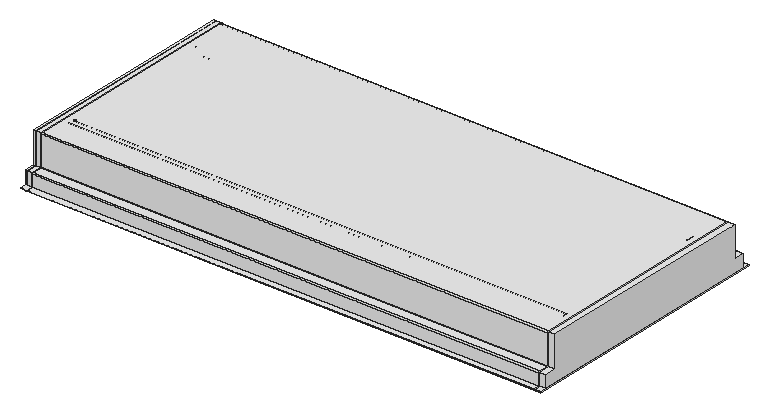
Revit family "CRUx-DFX", category Lighting Fixtures, host Ceiling, Revit 2019
Family settings
  Host = Ceiling
  Round Connector Dimension = Use Diameter
  Part Type = Normal
  OmniClass Number = 23.80.70.11.14.17
  OmniClass Title = Direct/Indirect
  Always vertical = Yes
  Cut with Voids When Loaded = No
  Light Source = Yes
  Shared = No
  Room Calculation Point = No
Parameters (values of type "CRUx-DFX2X4-LED840K180Lxxx-DSA")
  Width = 1' - 11 3/4"
  Wattage = 149.5 W
  built-in parameter 1150110 = 1 (stored number, unit not read)
  Voltage = 120 V
  URL = "https://www.viscor.com/en/products/msu-dfx"
  built-in parameter 1114217 = 0.9 (stored number, unit not read)
  Tilt Angle = 90.00°
  built-in parameter 1150109 = 1 (stored number, unit not read)
  built-in parameter 1150134 = 12
  built-in parameter 1150113 = 1 (stored number, unit not read)
  Photometric Web File = "CRUx-DFX2X4-LED840K180Lxxx-DSA.ies"
  Model = "MSU-DFX"  # constant formula
  Manufacturer = "CERTOLUX by VISCOR"  # constant formula
  Lumens = 18089.5 lm
  built-in parameter 1150115 = 1 (stored number, unit not read)
  built-in parameter 1150105 = 1439.5 (stored number, unit not read)
  built-in parameter 1150137 = (empty or 0)
  built-in parameter 1150139 = (empty or 0)
  Lens Finish = Acrylic - Viscor - Frosted Prismatic P12
  Length = 3' - 11 3/4"
  Lamp Wattage = 149.5 VA
  built-in parameter 1150112 = 1 (stored number, unit not read)
  built-in parameter 1150114 = 1 (stored number, unit not read)
  Lamp = "LED"  # constant formula
  built-in parameter 1150132 = (empty or 0)
  built-in parameter 1150102 = (empty or 0)
  built-in parameter 1150138 = (empty or 0)
  built-in parameter 1150107 = 4000 (stored number, unit not read)
  built-in parameter 1150106 = 14.395 (stored number, unit not read)
  Housing Finish = Metal - Viscor - White
  Emit from Rectangle Width = Width  # 1' - 11 3/4"
  Emit from Rectangle Length = Length  # 3' - 11 3/4"
  Emit Shape Visible in Rendering = no
  built-in parameter 1150104 = 11.241 (stored number, unit not read)
  Dimming Lamp Color Temperature Shift = <None>
  Description = "LED Recessed Surgical with 365DisInFx UVA Technology"  # constant formula
  Color Filter = 16777215
  built-in parameter 1114218 = 1 (stored number, unit not read)
  built-in parameter 1150133 = 10 (stored number, unit not read)
  Assembly Code = "D5020200"
  Apparent Load = Lamp Wattage  # 149.5 VA
Types (10): name | Wattage | Photometric Web File | Lumens | built-in parameter 1150105 | Length | Lamp Wattage | built-in parameter 1150106 | Emit from Rectangle Length | built-in parameter 1150104 | Apparent Load
  (no name) | 149.5 W | "CRUx-DFX2X4-LED840K180Lxxx-DSA.ies" | 18089.5 lm | 1439.5 (stored number, unit not read) | 3' - 11 3/4" | 149.5 VA | 14.395 (stored number, unit not read) | 3' - 11 3/4" | 11.241 (stored number, unit not read) | 149.5 VA
  CRUx-DFX2X2-LED840K035Lxxx-DSA | 27.5 W | "CRUx-DFX2X2-LED840K035Lxxx-DSA.ies" | 3520 lm | 280.11 (stored number, unit not read) | 1' - 11 3/4" | 27.5 VA | 2.8011 (stored number, unit not read) | 1' - 11 3/4" | 11.892 (stored number, unit not read) | 27.5 VA
  CRUx-DFX2X4-LED840K055Lxxx-DSA | 43 W | "CRUx-DFX2X4-LED840K055Lxxx-DSA.ies" | 5590 lm | 444.84 (stored number, unit not read) | 3' - 11 3/4" | 43 VA | 4.4484 (stored number, unit not read) | 3' - 11 3/4" | 12.077 (stored number, unit not read) | 43 VA
  CRUx-DFX2X2-LED840K055Lxxx-DSA | 45 W | "CRUx-DFX2X2-LED840K055Lxxx-DSA.ies" | 5535 lm | 440.46 (stored number, unit not read) | 1' - 11 3/4" | 45 VA | 4.4046 (stored number, unit not read) | 1' - 11 3/4" | 11.427 (stored number, unit not read) | 45 VA
  CRUx-DFX2X2-LED840K070Lxxx-DSA | 59 W | "CRUx-DFX2X2-LED840K070Lxxx-DSA.ies" | 7080 lm | 563.41 (stored number, unit not read) | 1' - 11 3/4" | 59 VA | 5.6341 (stored number, unit not read) | 1' - 11 3/4" | 11.148 (stored number, unit not read) | 59 VA
  CRUx-DFX2X2-LED840K100Lxxx-DSA | 84.3 W | "CRUx-DFX2X2-LED840K100Lxxx-DSA.ies" | 10031.7 lm | 798.3 (stored number, unit not read) | 1' - 11 3/4" | 84.3 VA | 7.983 (stored number, unit not read) | 1' - 11 3/4" | 11.055 (stored number, unit not read) | 84.3 VA
  CRUx-DFX2X4-LED840K070Lxxx-DSA | 55 W | "CRUx-DFX2X4-LED840K070Lxxx-DSA.ies" | 7040 lm | 560.23 (stored number, unit not read) | 3' - 11 3/4" | 55 VA | 5.6023 (stored number, unit not read) | 3' - 11 3/4" | 11.892 (stored number, unit not read) | 55 VA
  CRUx-DFX2X4-LED840K100Lxxx-DSA | 80.6 W | "CRUx-DFX2X4-LED840K100Lxxx-DSA.ies" | 10075 lm | 801.74 (stored number, unit not read) | 3' - 11 3/4" | 80.6 VA | 8.0174 (stored number, unit not read) | 3' - 11 3/4" | 11.613 (stored number, unit not read) | 80.6 VA
  CRUx-DFX2X4-LED840K120Lxxx-DSA | 99 W | "CRUx-DFX2X4-LED840K120Lxxx-DSA.ies" | 11979 lm | 953.26 (stored number, unit not read) | 3' - 11 3/4" | 99 VA | 9.5326 (stored number, unit not read) | 3' - 11 3/4" | 11.241 (stored number, unit not read) | 99 VA
  CRUx-DFX2X4-LED840K180Lxxx-DSA | 149.5 W | "CRUx-DFX2X4-LED840K180Lxxx-DSA.ies" | 18089.5 lm | 1439.5 (stored number, unit not read) | 3' - 11 3/4" | 149.5 VA | 14.395 (stored number, unit not read) | 3' - 11 3/4" | 11.241 (stored number, unit not read) | 149.5 VA
Reference planes (in)
  plane 1 "Light Source Axis (F/B)": y = 0
  plane 2 "Ceiling": z = 96
  plane 3 "Light Source Axis (L/R)": x = 0
  plane 4 "Light Source Elevation": z = 96
  plane 5: y = 11.875
  plane 6: y = -11.875
  plane 7 "Left": x = -23.875
  plane 8 "Right": x = 23.875
  plane 9: x = -23.25
  plane 10: x = 23.25
  plane 11: x = -22.625
  plane 12: x = 22.625
  plane 13 "USofFrame": z = 96.045
  plane 14: y = -11.25
  plane 15: y = 11.25
  plane 16 "Lens": z = 96.17
Forms (in)
  Extrusion 1, solid, material "Metal - Viscor - White" <- "Housing Finish"
    sketch origin (0, 0, 0) x (0, 1, 0) y (0, 0, 1)
      loop
        arc (11.3015, 97.168) -> (11.28217, 97.21467) -> (11.2355, 97.234) r 0.066
        line (11.2355, 97.234) -> (10.3115, 97.234)
        arc (10.3115, 97.234) -> (10.29029, 97.24279) -> (10.2815, 97.264) r 0.03
        line (10.2815, 97.264) -> (10.2815, 100.007)
        arc (10.2815, 100.007) -> (10.26217, 100.05367) -> (10.2155, 100.073) r 0.066
        line (10.2155, 100.073) -> (-10.2155, 100.073)
        arc (-10.2155, 100.073) -> (-10.26217, 100.05367) -> (-10.2815, 100.007) r 0.066
        line (-10.2815, 100.007) -> (-10.2815, 97.264)
        arc (-10.2815, 97.264) -> (-10.29029, 97.24279) -> (-10.3115, 97.234) r 0.03
        line (-10.3115, 97.234) -> (-11.2355, 97.234)
        arc (-11.2355, 97.234) -> (-11.28217, 97.21467) -> (-11.3015, 97.168) r 0.066
        line (-11.3015, 97.168) -> (-11.3015, 96.073) -> (-11.26634, 96.073) -> (-11.26634, 97.168)
        arc (-11.26634, 97.168) -> (-11.25731, 97.18981) -> (-11.2355, 97.19884) r 0.03084
        line (-11.2355, 97.19884) -> (-10.3115, 97.19884)
        arc (-10.3115, 97.19884) -> (-10.26543, 97.21793) -> (-10.24634, 97.264) r 0.06516
        line (-10.24634, 97.264) -> (-10.24634, 100.007)
        arc (-10.24634, 100.007) -> (-10.23731, 100.02881) -> (-10.2155, 100.03784) r 0.03084
        line (-10.2155, 100.03784) -> (10.2155, 100.03784)
        arc (10.2155, 100.03784) -> (10.23731, 100.02881) -> (10.24634, 100.007) r 0.03084
        line (10.24634, 100.007) -> (10.24634, 97.264)
        arc (10.24634, 97.264) -> (10.26543, 97.21793) -> (10.3115, 97.19884) r 0.06516
        line (10.3115, 97.19884) -> (11.2355, 97.19884)
        arc (11.2355, 97.19884) -> (11.25731, 97.18981) -> (11.26634, 97.168) r 0.03084
        line (11.26634, 97.168) -> (11.26634, 96.073) -> (11.3015, 96.073) -> (11.3015, 97.168)
    from -23.25 to 23.25
  Extrusion 2, solid, material "Metal - Viscor - White" <- "Housing Finish"
    sketch origin (0, 0, 0) x (0, 1, 0) y (0, 0, 1)
      loop
        line (11.299, 96.095) -> (11.299, 97.234) -> (10.2815, 97.234) -> (10.2815, 100.073) -> (-10.2815, 100.073) -> (-10.2815, 97.234) -> (-11.3015, 97.234) -> (-11.3015, 96.095) -> (11.299, 96.095)
    from -23.875 to -23.25
  Extrusion 3, void
    sketch origin (-23.25, 0, 0) x (0, -1, 0) y (0, 0, 1)
      loop
        line (10.24634, 100.03784) -> (-10.24634, 100.03784) -> (-10.24634, 97.19884) -> (-11.26384, 97.19884) -> (-11.26384, 96.13016) -> (11.26634, 96.13016) -> (11.26634, 97.19884) -> (10.24634, 97.19884) -> (10.24634, 100.03784)
    from 0 to 0.47339
  Extrusion 4, solid, material "Metal - Viscor - White" <- "Housing Finish"
    sketch origin (0, 0, 0) x (0, 1, 0) y (0, 0, -1)
      loop
        line (11.299, -96.095) -> (-11.3015, -96.095) -> (-11.3015, -97.234) -> (-10.2815, -97.234) -> (-10.2815, -100.073) -> (10.2815, -100.073) -> (10.2815, -97.234) -> (11.299, -97.234) -> (11.299, -96.095)
    from -23.875 to -23.25
  Extrusion 5, void
    sketch origin (23.25, 0, 0) x (0, -1, 0) y (0, 0, -1)
      loop
        line (10.24634, -100.03784) -> (10.24634, -97.19884) -> (11.26634, -97.19884) -> (11.26634, -96.13016) -> (-11.26384, -96.13016) -> (-11.26384, -97.19884) -> (-10.24634, -97.19884) -> (-10.24634, -100.03784) -> (10.24634, -100.03784)
    from 0 to 0.47339
  Extrusion 6, solid, material "Metal - Viscor - White" <- "Housing Finish"
    sketch origin (0, 0, 96) x (1, 0, 0) y (0, 1, 0)
      loop
        line (-23.875, -11.875) -> (-23.25, -11.875) -> (-23.25, 11.875) -> (-23.875, 11.875) -> (-23.875, -11.875)
    from 0 to 0.045
  Extrusion 7, solid, material "Metal - Viscor - White" <- "Housing Finish"
    sketch origin (0, 0, 96) x (1, 0, 0) y (0, 1, 0)
      loop
        line (23.25, -11.875) -> (23.875, -11.875) -> (23.875, 11.875) -> (23.25, 11.875) -> (23.25, -11.875)
    from 0 to 0.045
  Extrusion 8, solid, material "Metal - Viscor - White" <- "Housing Finish"
    sketch origin (0, 0, 96) x (1, 0, 0) y (0, 1, 0)
      loop
        line (-23.25, -11.25) -> (23.25, -11.25) -> (23.25, 11.25) -> (-23.25, 11.25) -> (-23.25, -11.25)
      loop
        line (-22, -10) -> (22, -10) -> (22, -1.5) -> (-22, -1.5) -> (-22, -10)
      loop
        line (-22, 10) -> (-22, 1.5) -> (22, 1.5) -> (22, 10) -> (-22, 10)
      loop
        line (22, -0.75) -> (22, 0.75) -> (-22, 0.75) -> (-22, -0.75) -> (22, -0.75)
    from 0 to 0.045
  Extrusion 9, void
    sketch origin (43.99109, -53.88196, 0) x (1, 0, 0) y (0, 1, 0)
      loop
        line (-67.86609, 65.75696) -> (-67.86609, 42.00696) -> (-20.11609, 42.00696) -> (-20.11609, 65.75696) -> (-67.86609, 65.75696)
    from 95.73163 to 100.39174
  Extrusion 10, solid, material "Metal - Viscor - White" <- "Housing Finish"
    sketch origin (0, 0, 0) x (0, 1, 0) y (0, 0, 1)
      loop
        line (11.892, 96.048) -> (11.25, 96.048) -> (11.25, 96) -> (11.892, 96) -> (11.892, 96.048)
    from -23.25 to 23.25
  Extrusion 11, solid, material "Metal - Viscor - White" <- "Housing Finish"
    sketch origin (0, 0, 0) x (0, -1, 0) y (0, 0, -1)
      loop
        line (11.892, -96.048) -> (11.892, -96) -> (11.25, -96) -> (11.25, -96.048) -> (11.892, -96.048)
    from -23.25 to 23.25
  Extrusion 12, solid, material "Metal - Viscor - White" <- "Housing Finish"
    sketch origin (0, 0, 0) x (0, 1, 0) y (0, 0, 1)
      loop
        line (8.32588, 100.001) -> (7.027, 100.001) -> (7.027, 100.03616) -> (6.477, 100.03616)
        arc (6.477, 100.03616) -> (6.42456, 100.01444) -> (6.40284, 99.962) r 0.07416
        line (6.40284, 99.962) -> (6.40284, 99.487)
        arc (6.40284, 99.487) -> (6.39117, 99.45883) -> (6.363, 99.44716) r 0.03984
        line (6.363, 99.44716) -> (-7.237, 99.44716)
        arc (-7.237, 99.44716) -> (-7.26517, 99.45883) -> (-7.27684, 99.487) r 0.03984
        line (-7.27684, 99.487) -> (-7.27684, 99.962)
        arc (-7.27684, 99.962) -> (-7.29856, 100.01444) -> (-7.351, 100.03616) r 0.07416
        line (-7.351, 100.03616) -> (-7.901, 100.03616) -> (-7.901, 100.001) -> (-7.351, 100.001)
        arc (-7.351, 100.001) -> (-7.32342, 99.98958) -> (-7.312, 99.962) r 0.039
        line (-7.312, 99.962) -> (-7.312, 99.487)
        arc (-7.312, 99.487) -> (-7.29003, 99.43397) -> (-7.237, 99.412) r 0.075
        line (-7.237, 99.412) -> (8.21188, 99.412)
        arc (8.21188, 99.412) -> (8.26491, 99.43397) -> (8.28688, 99.487) r 0.075
        line (8.28688, 99.487) -> (8.28688, 99.962)
        arc (8.28688, 99.962) -> (8.2983, 99.98958) -> (8.32588, 100.001) r 0.039
    from -22.625 to 22.625
  Extrusion 13, solid
    sketch origin (0, 0, 0) x (0, 1, 0) y (0, 0, 1)
      loop
        line (5.90726, 99.412) -> (5.90726, 99.38075) -> (6.64268, 99.38075) -> (7.82741, 97.96884)
        arc (7.82741, 97.96884) -> (7.85154, 97.95033) -> (7.88123, 97.94375) r 0.07025
        line (7.88123, 97.94375) -> (8.11326, 97.94375) -> (8.11326, 97.975) -> (7.88123, 97.975)
        arc (7.88123, 97.975) -> (7.86475, 97.97865) -> (7.85135, 97.98893) r 0.039
        line (7.85135, 97.98893) -> (6.67584, 99.38985)
        arc (6.67584, 99.38985) -> (6.65455, 99.40619) -> (6.62834, 99.412) r 0.062
        line (6.62834, 99.412) -> (5.90726, 99.412)
    from -23.25 to 23.25
  Extrusion 14, solid
    sketch origin (0, 0, 0) x (0, 1, 0) y (0, 0, 1)
      loop
        line (-6.7185, 99.412) -> (-7.30713, 99.412)
        arc (-7.30713, 99.412) -> (-7.33863, 99.40356) -> (-7.36169, 99.3805) r 0.063
        line (-7.36169, 99.3805) -> (-8.5206, 97.3732) -> (-10.30427, 96.724) -> (-10.29358, 96.69463) -> (-8.49922, 97.34773) -> (-7.33462, 99.36488)
        arc (-7.33462, 99.36488) -> (-7.323, 99.3765) -> (-7.30713, 99.38075) r 0.03175
        line (-7.30713, 99.38075) -> (-6.7185, 99.38075) -> (-6.7185, 99.412)
    from -23.25 to 23.25
  Extrusion 15, solid, material "Acrylic - Viscor - Frosted Prismatic P12" <- "Lens Finish"
    sketch origin (0, 0, 0) x (0, 1, 0) y (0, 0, 1)
      loop
        line (10.11273, 96.065) -> (10.11273, 96.19) -> (-10.0948, 96.19) -> (-10.0948, 96.065) -> (10.11273, 96.065)
    from -23.25 to 23.25
Cuts and joins
  Extrusion 3, Extrusion 5 cuts Extrusion 2
  Extrusion 5 cuts Extrusion 4
Dimensions and locks (in)
  equal spacing: host sketch curve, plane 3 "Light Source Axis (L/R)", host sketch curve
  equal spacing: host sketch curve, plane 1 "Light Source Axis (F/B)", host sketch curve
  host sketch curve to host sketch curve = 10' - 0"  (x2)
  locked: import instance to host ceiling at 4.109
  equal spacing: plane 7 "Left", plane 3 "Light Source Axis (L/R)", plane 8 "Right"
  "Length": plane 7 "Left" to plane 8 "Right"
  equal spacing: plane 5, plane 1 "Light Source Axis (F/B)", plane 6
  "Width": plane 5 to plane 6
  locked: plane 11 to plane 9 at 0.625
  locked: plane 7 "Left" to plane 9 at 0.625
  plane 12 to plane 10 = 0' - 0 5/8"
  plane 10 to plane 8 "Right" = 0' - 0 5/8"
  locked: plane 13 "USofFrame" to plane 2 "Ceiling" at 0.045
  equal spacing: plane 5, Extrusion 8 sketch curve, Extrusion 8 sketch curve
  equal spacing: plane 7 "Left", Extrusion 8 sketch curve, Extrusion 8 sketch curve
  locked: plane 6 to Extrusion 8 sketch curve at 0.625
  locked: plane 8 "Right" to Extrusion 8 sketch curve at 0.625
  plane 16 "Lens" to plane 13 "USofFrame" = 0' - 0 1/8"
  aligned and locked: plane 3 "Light Source Axis (L/R)" to imposter light
  aligned and locked: plane 1 "Light Source Axis (F/B)" to imposter light
  aligned and locked: plane 4 "Light Source Elevation" to imposter light
  aligned and locked: Extrusion 1 to plane 9
  aligned and locked: plane 10 to Extrusion 1
  aligned and locked: Extrusion 2 to plane 7 "Left"
  aligned and locked: plane 9 to Extrusion 2
  aligned and locked: plane 8 "Right" to cut or joined group of Extrusion 4, Extrusion 5
  aligned and locked: cut or joined group of Extrusion 4, Extrusion 5 to plane 10
  aligned and locked: Extrusion 6 sketch curve to plane 7 "Left"
  aligned and locked: plane 9 to Extrusion 6 sketch curve
  aligned and locked: plane 13 "USofFrame" to Extrusion 6
  aligned and locked: Extrusion 7 sketch curve to plane 10
  aligned and locked: Extrusion 7 sketch curve to plane 6
  aligned and locked: plane 5 to Extrusion 7 sketch curve
  aligned and locked: plane 13 "USofFrame" to Extrusion 7
  aligned and locked: plane 13 "USofFrame" to Extrusion 8
  aligned and locked: Extrusion 9 to plane 7 "Left"
  aligned and locked: plane 8 "Right" to Extrusion 9
  aligned and locked: Extrusion 9 to plane 6
  aligned and locked: plane 5 to Extrusion 9
  aligned and locked: Extrusion 10 to plane 9
  aligned and locked: plane 10 to Extrusion 10
  aligned and locked: Extrusion 11 to plane 9
  aligned and locked: plane 10 to Extrusion 11
  aligned and locked: Extrusion 12 to plane 11
  aligned and locked: plane 12 to Extrusion 12
  aligned and locked: Extrusion 13 to plane 9
  aligned and locked: plane 10 to Extrusion 13
  aligned and locked: Extrusion 14 to plane 9
  aligned and locked: plane 10 to Extrusion 14
  aligned and locked: Extrusion 15 to plane 9
  aligned and locked: plane 10 to Extrusion 15
Automatic sketch dimensions
  Extrusion 1 sketch curve to Extrusion 1 sketch curve = 0' - 0"  (x12)
  plane 13 "USofFrame" to Extrusion 1 sketch curve = 0' - 0.028"  (x2)
  plane 6 to Extrusion 1 sketch curve = 0' - 0.5735"
  Extrusion 1 sketch curve to Extrusion 1 sketch curve = 0' - 0 9/256"
  Extrusion 1 sketch curve to Extrusion 1 sketch curve = 0' - 0.03084"  (x4)
  Extrusion 1 sketch curve to Extrusion 1 sketch curve = 0' - 0.924"
  Extrusion 1 sketch curve to Extrusion 1 sketch curve = 0' - 0.03"  (x2)
  Extrusion 1 sketch curve to plane 5 = 0' - 1.6595"
  Extrusion 1 sketch curve to plane 5 = 0' - 0.6395"
  plane 16 "Lens" to Extrusion 1 sketch curve = 0' - 0.998"  (x2)
  Extrusion 1 sketch curve to Extrusion 1 sketch curve = 0' - 2.743"
  plane 13 "USofFrame" to Extrusion 2 sketch curve = 0' - 0.05"
  plane 6 to Extrusion 2 sketch curve = 0' - 0.5735"
  Extrusion 2 sketch curve to Extrusion 2 sketch curve = 0' - 1.02"
  Extrusion 2 sketch curve to plane 5 = 0' - 1.5935"
  Extrusion 2 sketch curve to plane 5 = 0' - 0.576"
  plane 16 "Lens" to Extrusion 2 sketch curve = 0' - 1.064"  (x2)
  Extrusion 2 sketch curve to Extrusion 2 sketch curve = 0' - 2.839"
  Extrusion 2 to Extrusion 3 sketch curve = 0' - 0 9/256"  (x8)
  plane 13 "USofFrame" to Extrusion 4 sketch curve = 0' - 0.05"
  plane 6 to Extrusion 4 sketch curve = 0' - 0.5735"
  Extrusion 4 sketch curve to Extrusion 4 sketch curve = 0' - 1.02"
  Extrusion 4 sketch curve to plane 5 = 0' - 1.5935"
  Extrusion 4 sketch curve to plane 5 = 0' - 0.576"
  plane 16 "Lens" to Extrusion 4 sketch curve = 0' - 1.064"  (x2)
  Extrusion 4 sketch curve to Extrusion 4 sketch curve = 0' - 2.839"
  Extrusion 4 to Extrusion 5 sketch curve = 0' - 0 9/256"  (x8)
  Extrusion 6 sketch curve to plane 6 = 0' - 0"
  Extrusion 6 sketch curve to plane 5 = 0' - 0"
  Extrusion 7 sketch curve to plane 8 "Right" = 0' - 0"
  Extrusion 9 sketch curve to plane 6 = 0' - 0"
  Extrusion 9 sketch curve to plane 7 "Left" = 0' - 0"
  Extrusion 9 sketch curve to plane 8 "Right" = 0' - 0"
  Extrusion 9 sketch curve to plane 5 = 0' - 0"
  Extrusion 10 sketch curve to plane 2 "Ceiling" = 0' - 0"
  plane 13 "USofFrame" to Extrusion 10 sketch curve = 0' - 0.003"
  Extrusion 10 sketch curve to plane 5 = 0' - 0 5/8"
  plane 5 to Extrusion 10 sketch curve = 0' - 0.017"
  Extrusion 11 sketch curve to plane 2 "Ceiling" = 0' - 0"
  Extrusion 11 sketch curve to plane 13 "USofFrame" = 0' - 0.003"
  Extrusion 11 sketch curve to plane 6 = 0' - 0 5/8"
  plane 6 to Extrusion 11 sketch curve = 0' - 0.017"
  Extrusion 12 sketch curve to Extrusion 12 sketch curve = 0' - 1.84888"  (x2)
  Extrusion 12 sketch curve to Extrusion 12 sketch curve = 0' - 0"  (x6)
  plane 6 to Extrusion 12 sketch curve = 0' - 3.974"
  Extrusion 12 sketch curve to Extrusion 12 sketch curve = 0' - 0.55"  (x2)
  Extrusion 12 sketch curve to Extrusion 12 sketch curve = 0' - 0.039"
  Extrusion 12 sketch curve to Extrusion 12 sketch curve = 0' - 0 9/256"
  Extrusion 12 sketch curve to Extrusion 12 sketch curve = 0' - 0.03984"
  Extrusion 12 sketch curve to plane 5 = 0' - 5.512"
  Extrusion 12 sketch curve to Extrusion 12 sketch curve = 0' - 1.80904"
  Extrusion 12 sketch curve to Extrusion 12 sketch curve = 0' - 1.80988"
  plane 16 "Lens" to Extrusion 12 sketch curve = 0' - 3.242"
  Extrusion 12 sketch curve to Extrusion 12 sketch curve = 0' - 0.475"  (x2)
  Extrusion 13 sketch curve to Extrusion 13 sketch curve = 0' - 0"  (x2)
  Extrusion 13 sketch curve to plane 1 "Light Source Axis (F/B)" = 0' - 5.90726"
  Extrusion 13 sketch curve to Extrusion 13 sketch curve = 0' - 0.72109"
  Extrusion 13 sketch curve to Extrusion 13 sketch curve = 0' - 0.01434"
  plane 16 "Lens" to Extrusion 13 sketch curve = 0' - 3.21985"
  Extrusion 13 sketch curve to Extrusion 13 sketch curve = 0' - 0.03316"
  plane 16 "Lens" to Extrusion 13 sketch curve = 0' - 1.79884"
  Extrusion 13 sketch curve to Extrusion 13 sketch curve = 0' - 1.19907"
  Extrusion 13 sketch curve to Extrusion 13 sketch curve = 0' - 0.02394"
  Extrusion 13 sketch curve to Extrusion 13 sketch curve = 0' - 0.02988"
  Extrusion 13 sketch curve to Extrusion 13 sketch curve = 0' - 0.02509"
  Extrusion 13 sketch curve to Extrusion 13 sketch curve = 0' - 0 1/32"  (x2)
  Extrusion 13 sketch curve to Extrusion 13 sketch curve = 0' - 0.03985"
  Extrusion 13 sketch curve to Extrusion 13 sketch curve = 0' - 0.23203"
  Extrusion 14 sketch curve to Extrusion 14 sketch curve = 0' - 0"  (x2)
  plane 16 "Lens" to Extrusion 14 sketch curve = 0' - 0.554"
  plane 6 to Extrusion 14 sketch curve = 0' - 1.57073"
  plane 16 "Lens" to Extrusion 14 sketch curve = 0' - 0.52463"
  Extrusion 14 sketch curve to Extrusion 14 sketch curve = 0' - 0.01069"
  plane 16 "Lens" to Extrusion 14 sketch curve = 0' - 1.2032"
  plane 16 "Lens" to Extrusion 14 sketch curve = 0' - 1.17773"
  Extrusion 14 sketch curve to Extrusion 14 sketch curve = 0' - 1.15891"
  Extrusion 14 sketch curve to Extrusion 14 sketch curve = 0' - 0.02706"
  Extrusion 14 sketch curve to Extrusion 14 sketch curve = 0' - 0.0275"
  Extrusion 14 sketch curve to Extrusion 14 sketch curve = 0' - 1.9758"
  Extrusion 14 sketch curve to Extrusion 14 sketch curve = 0' - 0.01587"
  Extrusion 14 sketch curve to Extrusion 14 sketch curve = 0' - 0 1/64"
  Extrusion 14 sketch curve to Extrusion 14 sketch curve = 0' - 0.58863"
  plane 13 "USofFrame" to Extrusion 15 sketch curve = 0' - 0.02"
  plane 6 to Extrusion 15 sketch curve = 0' - 1.7802"
  plane 16 "Lens" to Extrusion 15 sketch curve = 0' - 0.02"
  Extrusion 15 sketch curve to plane 5 = 0' - 1.76227"
  plane 11 to Extrusion 8 sketch curve = 0' - 0 5/8"  (x3)
  Extrusion 8 sketch curve to plane 12 = 0' - 0 5/8"  (x3)
  Extrusion 8 sketch curve to Extrusion 8 sketch curve = 0' - 1 1/4"
  plane 1 "Light Source Axis (F/B)" to Extrusion 8 sketch curve = 0' - 1 1/2"
  Extrusion 8 sketch curve to Extrusion 8 sketch curve = 0' - 0 3/4"  (x2)
  Extrusion 8 sketch curve to plane 1 "Light Source Axis (F/B)" = 0' - 0 3/4"
  Extrusion 8 sketch curve to plane 5 = 0' - 1 7/8"
  Extrusion 8 sketch curve to plane 5 = 0' - 0 5/8"
  Extrusion 8 sketch curve to plane 9 = 0' - 0"
Connectors (in)
  electrical at (0, 0, 96), driven by "Voltage", driven by "Apparent Load"
    settings: index 1, voltage 120 V, apparent load 0 VA, apparent load phase1 149.5 VA, apparent load phase2 0 VA, apparent load phase3 0 VA, power factor 1, load classification "Other", number of poles 1, system type 31, power factor state 1, is connector primary yes, connector utility no, sub classification motor no, connector description ""
